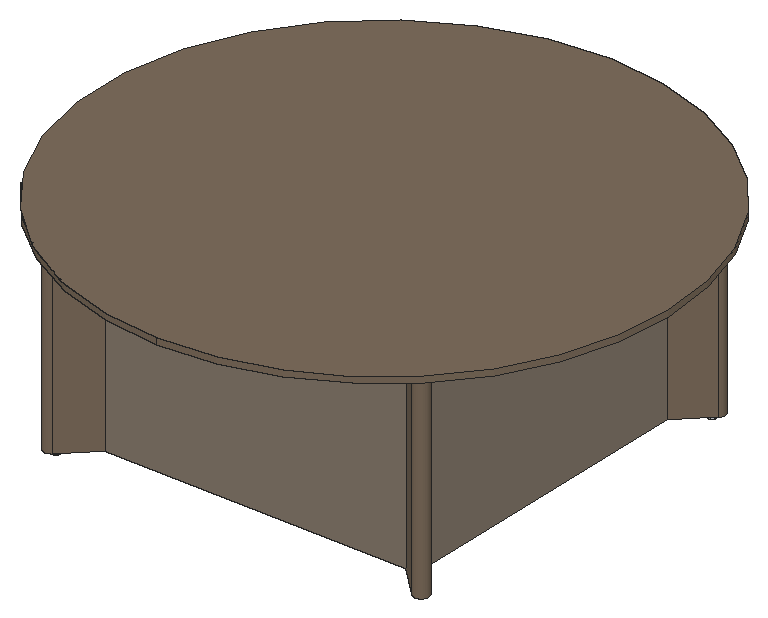
Revit family "Table-Teknion-CFRSTN_Figure_Table_Round_Gable_Enclosed_Base_Subtop-R2023", category Furniture, Revit 2023
Family settings
  OmniClass Number = 23.40.20.00
  OmniClass Title = General Furniture and Specialties
  Work Plane-Based = No
  Enable Cutting in Views = No
  Always vertical = Yes
  Cut with Voids When Loaded = No
  Render Appearance Source = Family Geometry
  Shared = Yes
  Room Calculation Point = No
Parameters (values of type "Round Table, Gable Enclosed Base, Subtop")
  Width [instance] = Size - 16.000"  # 74.000"
  Warranty = "http://www.teknion.com/ca/papers/legal-canada"
  Unit Weight URL = "http://www.teknion.com/ca/tools/assets#&asset=bee6a381-b954-425e-8283-5a2de3a804f2,f828d448-4b62-4231-9e5f-9a8991c0ed77"
  URL = "www.teknion.com"
  Top Cutout [instance] = if(Size = 48.000", 13.314", if(Size = 54.000", 18.971", if(Size = 60.000", 18.971", if(Size = 66.000", 23.213", if(Size = 72.000", 23.213", 27.456")))))  # 27.456"
  To render please download texture images found here [instance] = "https://assets.teknion.com/web/5e81352c1dfdb467/revit-material-swatches/"
  Sustainability Data = "https://www.teknion.com/ca/tools/assets#&topic=216f99a5-57a0-44fc-b10a-9dee9b29ae4c&asset=444deb64-fe58-4b68-981e-f75e97781df7,b4ff2d81-9f2e-437d-9659-7cffb09c31cf"
  Size [instance] = 90.000"
  Series = "Custom Wood"  # constant formula
  Product Page URL = "https://www.teknion.com/ca/products/product-details?productLineId=f182336e-8e7a-673b-a6c8-ff00004460c4"
  Product Line = "Figure - Square Table"  # constant formula
  Product Documentation Link = "https://d2r72yk5wmppdj.cloudfront.net/m/7b6608f508e3c5a8/Community_Table_Cut_Sheet.pdf"
  Part Number = "CFRSTN"  # constant formula
  Model = "CFRSTN__"  # constant formula
  Manufacturer Phone = "416-661-3370"  # constant formula
  Manufacturer Fax = "416.661.4586"  # constant formula
  Manufacturer Contact Information = "http://www.teknion.com/ca/contactus"
  Manufacturer Address = "1150 Flint Road, Toronto, ON. M3J 2J5. Canada"  # constant formula
  Manufacturer = "Teknion"  # constant formula
  How To Use Teknion Materials User Guide [instance] = "https://assets.teknion.com/m/205dd0a49fa58060/original/How-to-add-a-Material-Library-and-Texture-Images-to-your-Revit-project.pdf"
  Glide Finish [instance] = Paint - Teknion - 52 - Ebony
  Glide Dim 2 [instance] = if(Size = 48.000", 17.678", if(Size = 54.000", 21.920", if(Size = 60.000", 26.163", if(Size = 66.000", 30.406", if(Size = 72.000", 34.648", if(Size = 78.000", 38.891", if(Size = 84.000", 43.134", 47.376")))))))  # 47.376"
  Glide Dim [instance] = if(Size = 48.000", 13.657", if(and(Size > 49.000", Size < 73.000"), 15.657", 17.657"))  # 17.657"
  For Additional Finishes please visit [instance] = "https://assets.teknion.com/m/44a8009b046e5d47/original/Teknion_Materials_Library.zip"
  Description = "Figure Table, Round, Gable Enclosed Base, Subtop"
  Default Elevation = 0.000"
  Bottom Cutout [instance] = if(Size = 48.000", 13.314", if(and(Size > 49.000", Size < 73.000"), 16.142", 18.971"))  # 18.971"
  Base Size [instance] = if(Size = 48.000", 18.000", if(Size = 54.000", 24.000", if(Size = 60.000", 24.000", if(Size = 66.000", 30.000", if(Size = 72.000", 30.000", if(Size = 78.000", 36.000", if(Size = 84.000", 42.000", 42.000")))))))  # 42.000"
  Base Finish [instance] = Veneer-Teknion-UM-Natural_Veneer_V2-Dark_Brown_Cherry
  Base Accent Finish [instance] = Paint - Teknion - Mica - Burnished Bronze
  Available Size [instance] = "48\", 54\", 60\", 66\", 72\", 78\", 84\", 90\""  # constant formula
  Assembly Code = "E2020200"
Reference planes (in)
  plane 1 "Center Front/Back": y = 0
  plane 2: z = 0
  plane 3 "Center Left/Right": x = 0
  plane 4 "Left": x = -37
  plane 5 "Right": x = 37
  plane 6 "Back": y = 37
  plane 7 "Front": y = -37
  plane 8 "Top": z = 27.5
  plane 9: x = -8.8285
  plane 10: y = 8.8285
  plane 11: x = 8.8285
  plane 12: y = -8.8285
  plane 13: x = -23.688
  plane 14: y = 23.688
  plane 15: x = 23.688
  plane 16: y = -23.688
  plane 17: x = 21
  plane 18: y = 21
  plane 19: x = -21
  plane 20: y = -21
  plane 21: through (-37, 37, 48) normal (0.7071, 0.7071, 0)
  plane 22: through (-37, -37, 48) normal (-0.7071, 0.7071, 0)
  plane 23: through (7.41437, 6.00015, 48) normal (-0.7071, -0.7071, 0)
  plane 24: through (-7.41437, -6.00015, 48) normal (0.7071, 0.7071, 0)
  plane 25: through (-7.41437, 6.00015, 48) normal (-0.7071, 0.7071, 0)
  plane 26: through (6.00015, -7.41437, 48) normal (-0.7071, 0.7071, 0)
  plane 27: through (-10.41427, -9.00006, 48) normal (0.7071, 0.7071, 0)
  plane 28: through (9.70716, -9.70716, 48) normal (0.7071, -0.7071, 0)
  plane 29: through (9.00006, 10.41427, 48) normal (0.7071, 0.7071, 0)
  plane 30: through (-9.53039, 9.88394, 48) normal (0.7071, -0.7071, 0)
Forms (in)
  Sweep 1, solid, material "Veneer-Teknion-UM-Natural_Veneer_V2-Dark_Brown_Cherry" <- "Base Finish"
    path origin (0, 0, 0) x (1, 0, 0) y (0, 0, 1)
      loop
        line (0, 26.75) -> (0, 27.5)
    profile origin (0, 0, 27.125) x (-1, 0, 0) y (0, -1, 0)
      loop
        circle (0, 0) r 37
  Sweep 2, solid, material "Paint - Teknion - Mica - Burnished Bronze" <- "Base Accent Finish"
    path origin (0, 0, 0) x (1, 0, 0) y (0, 0, 1)
      loop
        line (0, 25.75) -> (0, 0.5)
    profile origin (0, 0, 13.125) x (0, -1, 0) y (1, 0, 0)
      loop
        line (21, 21) -> (-21, 21) -> (-21, -21) -> (21, -21) -> (21, 21)
      loop
        line (-20.25, -20.25) -> (20.25, -20.25) -> (20.25, 20.25) -> (-20.25, 20.25) -> (-20.25, -20.25)
  Sweep 3, solid, material "Veneer-Teknion-UM-Natural_Veneer_V2-Dark_Brown_Cherry" <- "Base Finish"
    path origin (0, 0, 0) x (1, 0, 0) y (0, 0, 1)
      loop
        line (0, 26.75) -> (0, 0.5)
    profile origin (0, 0, 13.625) x (0, -1, 0) y (1, 0, 0)
      loop
        line (-1.41421, 0) -> (-24.74866, -23.33445)
        arc (-24.74866, -23.33445) -> (-24.74866, -24.74866) -> (-23.33445, -24.74866) r 1
        line (-23.33445, -24.74866) -> (0, -1.41421) -> (23.33445, -24.74866)
        arc (23.33445, -24.74866) -> (24.74866, -24.74866) -> (24.74866, -23.33445) r 1
        line (24.74866, -23.33445) -> (1.41421, 0) -> (24.74866, 23.33445)
        arc (24.74866, 23.33445) -> (24.74866, 24.74866) -> (23.33445, 24.74866) r 1
        line (23.33445, 24.74866) -> (0, 1.41421) -> (-23.33445, 24.74866)
        arc (-23.33445, 24.74866) -> (-24.74866, 24.74866) -> (-24.74866, 23.33445) r 1
        line (-24.74866, 23.33445) -> (-1.41421, 0)
  Sweep 4, void
    path origin (0, 0, 0) x (1, 0, 0) y (0, 0, 1)
      loop
        line (0, 8) -> (0, 0)
    profile origin (0, 0, 4) x (0, -1, 0) y (1, 0, 0)
      loop
        line (0, -13.41452) -> (13.41452, 0) -> (0, 13.41452) -> (-13.41452, 0) -> (0, -13.41452)
  Sweep 5, void
    path origin (0, 0, 0) x (1, 0, 0) y (0, 0, 1)
      loop
        line (0, 20.75) -> (0, 27.5)
    profile origin (0, 0, 24.125) x (-1, 0, 0) y (0, -1, 0)
      loop
        line (0, -19.41432) -> (19.41432, 0) -> (0, 19.41432) -> (-19.41432, 0) -> (0, -19.41432)
Cuts and joins
  Sweep 4, Sweep 5 cuts Sweep 3
Lines and regions (in)
  Masking region 1
    outline origin (0, 0, 0) x (1, 0, 0) y (0, 1, 0)
      loop
        circle (0, 0) r 37
  reference lines
    curve 1: line (-37, 37, 0) -> (37, 37, 0)
    curve 2: line (-37, 37, 0) -> (-37, -37, 0)
    curve 3: line (37, 37, 0) -> (37, -37, 0)
    curve 4: line (-37, -37, 0) -> (37, -37, 0)
  symbolic lines, style "FurnitureHiddenLines", detail levels medium+fine
    curve 5: line (0, 1.41421, 0) -> (-9.00006, 10.41427, 0)
    curve 6: line (-10.41427, 9.00006, 0) -> (-1.41421, 0, 0)
    curve 7: line (-1.41421, 0, 0) -> (-10.41427, -9.00006, 0)
    curve 8: line (-9.00006, -10.41427, 0) -> (0, -1.41421, 0)
    curve 9: line (0, -1.41421, 0) -> (9.00006, -10.41427, 0)
    curve 10: line (10.41427, -9.00006, 0) -> (1.41421, 0, 0)
    curve 11: line (1.41421, 0, 0) -> (10.41427, 9.00006, 0)
    curve 12: line (9.00006, 10.41427, 0) -> (0, 1.41421, 0)
    curve 13: line (-9.00006, 10.41427, 0) -> (-23.33445, 24.74866, 0)
    curve 14: arc (-23.33445, 24.74866, 0) -> (-24.74866, 24.74866, 0) -> (-24.74866, 23.33445, 0) r 1
    curve 15: line (-24.74866, 23.33445, 0) -> (-10.41427, 9.00006, 0)
    curve 16: line (23.33445, 24.74866, 0) -> (9.00006, 10.41427, 0)
    curve 17: line (10.41427, 9.00006, 0) -> (24.74866, 23.33445, 0)
    curve 18: arc (24.74866, 23.33445, 0) -> (24.74866, 24.74866, 0) -> (23.33445, 24.74866, 0) r 1
    curve 19: line (-23.33445, -24.74866, 0) -> (-9.00006, -10.41427, 0)
    curve 20: line (-10.41427, -9.00006, 0) -> (-24.74866, -23.33445, 0)
    curve 21: arc (-24.74866, -23.33445, 0) -> (-24.74866, -24.74866, 0) -> (-23.33445, -24.74866, 0) r 1
    curve 22: line (9.00006, -10.41427, 0) -> (23.33445, -24.74866, 0)
    curve 23: arc (23.33445, -24.74866, 0) -> (24.74866, -24.74866, 0) -> (24.74866, -23.33445, 0) r 1
    curve 24: line (24.74866, -23.33445, 0) -> (10.41427, -9.00006, 0)
    curve 25: line (-21, 19.58579, 0) -> (-21, -19.58579, 0)
    curve 26: line (-19.58579, 21, 0) -> (19.58579, 21, 0)
    curve 27: line (-18.83579, 20.25, 0) -> (18.83579, 20.25, 0)
    curve 28: line (-19.58579, -21, 0) -> (19.58579, -21, 0)
    curve 29: line (-20.25, -18.83579, 0) -> (-20.25, 18.83579, 0)
    curve 30: line (18.83579, -20.25, 0) -> (-18.83579, -20.25, 0)
    curve 31: line (21, -19.58579, 0) -> (21, 19.58579, 0)
    curve 32: line (20.25, 18.83579, 0) -> (20.25, -18.83579, 0)
    curve 33: line (-10.41427, -9.00006, 0) -> (-9.00006, -10.41427, 0)
    curve 34: line (-7.41437, -6.00015, 0) -> (-6.00015, -7.41437, 0)
    curve 35: line (7.41437, 6.00015, 0) -> (6.00015, 7.41437, 0)
    curve 36: line (9.00006, 10.41427, 0) -> (10.41427, 9.00006, 0)
    curve 37: line (10.41427, -9.00006, 0) -> (9.00006, -10.41427, 0)
    curve 38: line (6.00015, -7.41437, 0) -> (7.41437, -6.00015, 0)
    curve 39: line (-7.41437, 6.00015, 0) -> (-6.00015, 7.41437, 0)
    curve 40: line (-9.00006, 10.41427, 0) -> (-10.41427, 9.00006, 0)
Dimensions and locks (in)
  "Width": plane 4 "Left" to plane 5 "Right"
  "Width": plane 6 "Back" to plane 7 "Front"
  plane 8 "Top" to level = 27.500"
  equal spacing: plane 4 "Left", plane 3 "Center Left/Right", plane 5 "Right"
  equal spacing: plane 6 "Back", plane 1 "Center Front/Back", plane 7 "Front"
  locked: plane 8 "Top" to Sweep 1 sketch curve at 0.75
  plane 3 "Center Left/Right" to Sweep 1 sketch curve to Sweep 1 sketch curve = 0.000" locked, 0.000" locked
  locked: nested 3 to plane 2 at 0.5
  locked: nested 1 to plane 2 at 0.5
  locked: nested 4 to plane 2 at 0.5
  locked: nested 2 to plane 2 at 0.5
  locked: Sweep 2 sketch curve to plane 2 at 0.5
  locked: plane 8 "Top" to Sweep 2 sketch curve at 1.75
  locked: plane 8 "Top" to Sweep 3 sketch curve at 0.75
  locked: Sweep 3 sketch curve to plane 2 at 0.5
  Sweep 3 sketch curve to Sweep 3 sketch curve to plane 13 = 0.000" locked, 0.35355" locked
  plane 15 to Sweep 3 sketch curve to Sweep 3 sketch curve = 0.35355" locked, 0.000" locked
  plane 14 to Sweep 3 sketch curve to Sweep 3 sketch curve = 0.35355" locked, 0.000" locked
  plane 16 to Sweep 3 sketch curve to Sweep 3 sketch curve = 0.35355" locked, 0.000" locked
  "Base Size": plane 18 to plane 20
  "Base Size": plane 19 to plane 17
  locked: plane 19 to Sweep 2 sketch curve at 0.75
  locked: Sweep 2 sketch curve to plane 20 at 0.75
  locked: Sweep 2 sketch curve to plane 17 at 0.75
  locked: plane 18 to Sweep 2 sketch curve at 0.75
  equal spacing: plane 19, plane 3 "Center Left/Right", plane 17
  equal spacing: plane 18, plane 1 "Center Front/Back", plane 20
  equal spacing: plane 12, plane 1 "Center Front/Back", plane 10
  equal spacing: plane 9, plane 3 "Center Left/Right", plane 11
  "Glide Dim": plane 9 to plane 11
  "Glide Dim": plane 12 to plane 10
  equal spacing: plane 25, plane 22, plane 26
  equal spacing: plane 24, plane 21, plane 23
  equal spacing: plane 29, plane 21, plane 27
  equal spacing: plane 28, plane 22, plane 30
  "Top Cutout": plane 29 to plane 27
  "Bottom Cutout": plane 24 to plane 23
  locked: Sweep 4 sketch curve to plane 2 at 8
  locked: plane 8 "Top" to Sweep 5 sketch curve at 6.75
  equal spacing: plane 13, plane 3 "Center Left/Right", plane 15
  equal spacing: plane 16, plane 1 "Center Front/Back", plane 14
  "Glide Dim 2": plane 13 to plane 15
  "Glide Dim 2": plane 14 to plane 16
  locked: nested 7 to plane 2 at 0.5
  locked: nested 8 to plane 2 at 0.5
  locked: nested 6 to plane 2 at 0.5
  locked: nested 9 to plane 2 at 0.5
  locked: plane 3 "Center Left/Right" to Masking region 1 sketch curve  (x2)
  "Bottom Cutout": plane 25 to plane 26
  "Top Cutout": plane 28 to plane 30
  aligned and locked: level to plane 2
  aligned and locked: plane 3 "Center Left/Right" to Sweep 1 sketch curve
  aligned and locked: plane 8 "Top" to Sweep 1 sketch curve
  aligned and locked: plane 6 "Back" to Sweep 1 sketch curve
  aligned and locked: plane 7 "Front" to Sweep 1 sketch curve
  aligned and locked: plane 1 "Center Front/Back" to nested 5
  aligned and locked: plane 3 "Center Left/Right" to nested 5
  aligned and locked: curve 1 to plane 6 "Back"
  aligned and locked: curve 2 to plane 4 "Left"
  aligned and locked: curve 3 to plane 5 "Right"
  aligned and locked: curve 4 to plane 7 "Front"
  aligned and locked: nested 2 to plane 10
  aligned and locked: plane 11 to nested 2
  aligned and locked: nested 4 to plane 9
  aligned and locked: nested 4 to plane 10
  aligned and locked: nested 3 to plane 12
  aligned and locked: nested 3 to plane 9
  aligned and locked: nested 1 to plane 11
  aligned and locked: plane 12 to nested 1
  aligned and locked: nested 7 to plane 13
  aligned and locked: nested 7 to plane 16
  aligned and locked: nested 6 to plane 16
  aligned and locked: nested 6 to plane 15
  aligned and locked: nested 9 to plane 15
  aligned and locked: plane 14 to nested 9
  aligned and locked: nested 8 to plane 14
  aligned and locked: plane 13 to nested 8
  aligned and locked: Sweep 2 sketch curve to plane 3 "Center Left/Right"
  aligned and locked: Sweep 3 sketch curve to plane 3 "Center Left/Right"
  aligned and locked: Sweep 2 sketch curve to plane 20
  aligned and locked: Sweep 2 sketch curve to plane 17
  aligned and locked: Sweep 2 sketch curve to plane 18
  aligned and locked: Sweep 2 sketch curve to plane 19
  aligned and locked: plane 2 to Sweep 4 sketch curve
  aligned and locked: Sweep 4 sketch curve to plane 3 "Center Left/Right"
  aligned and locked: Sweep 4 sketch curve to plane 25
  aligned and locked: Sweep 4 sketch curve to plane 24
  aligned and locked: Sweep 4 sketch curve to plane 26
  aligned and locked: Sweep 4 sketch curve to plane 23
  aligned and locked: plane 8 "Top" to Sweep 5 sketch curve
  aligned and locked: plane 3 "Center Left/Right" to Sweep 5 sketch curve
  aligned and locked: Sweep 5 sketch curve to plane 30
  aligned and locked: Sweep 5 sketch curve to plane 27
  aligned and locked: Sweep 5 sketch curve to plane 29
  aligned and locked: Sweep 5 sketch curve to plane 28
  aligned and locked: plane 6 "Back" to Masking region 1 sketch curve
  aligned and locked: plane 7 "Front" to Masking region 1 sketch curve
  aligned and locked: curve 5 to cut or joined group of Sweep 3, Sweep 4, Sweep 5
  aligned and locked: cut or joined group of Sweep 3, Sweep 4, Sweep 5 to curve 6
  aligned and locked: curve 7 to cut or joined group of Sweep 3, Sweep 4, Sweep 5
  aligned and locked: cut or joined group of Sweep 3, Sweep 4, Sweep 5 to curve 8
  aligned and locked: curve 9 to cut or joined group of Sweep 3, Sweep 4, Sweep 5
  aligned and locked: cut or joined group of Sweep 3, Sweep 4, Sweep 5 to curve 10
  aligned and locked: curve 11 to cut or joined group of Sweep 3, Sweep 4, Sweep 5
  aligned and locked: cut or joined group of Sweep 3, Sweep 4, Sweep 5 to curve 12
  aligned and locked: cut or joined group of Sweep 3, Sweep 4, Sweep 5 to curve 13
  aligned and locked: curve 14 to cut or joined group of Sweep 3, Sweep 4, Sweep 5
  aligned and locked: cut or joined group of Sweep 3, Sweep 4, Sweep 5 to curve 17
  aligned and locked: curve 18 to cut or joined group of Sweep 3, Sweep 4, Sweep 5
  aligned and locked: cut or joined group of Sweep 3, Sweep 4, Sweep 5 to curve 20
  aligned and locked: curve 21 to cut or joined group of Sweep 3, Sweep 4, Sweep 5
  aligned and locked: cut or joined group of Sweep 3, Sweep 4, Sweep 5 to curve 22
  aligned and locked: curve 23 to cut or joined group of Sweep 3, Sweep 4, Sweep 5
  aligned and locked: curve 33 to plane 27
  aligned and locked: curve 34 to plane 24
  aligned and locked: curve 35 to plane 23
  aligned and locked: curve 36 to plane 29
  aligned and locked: curve 37 to plane 28
  aligned and locked: curve 38 to plane 26
  aligned and locked: curve 39 to plane 25
  aligned and locked: curve 40 to plane 30
Automatic sketch dimensions
  Sweep 3 sketch curve to profile plane = 0.000"  (x2)
  plane 1 "Center Front/Back" to Sweep 3 sketch curve = 0.000"  (x2)
  Sweep 3 sketch curve to Sweep 3 sketch curve = 0.70711"  (x10)
  plane 1 "Center Front/Back" to Sweep 3 sketch curve = 1.41421"
  profile plane to Sweep 3 sketch curve = 1.41421"
  plane 13 to curve 13 = 0.35355"
  plane 14 to curve 15 = 0.35355"
  plane 15 to curve 18 = 0.35355"
  plane 14 to curve 17 = 0.35355"
  plane 16 to curve 20 = 0.35355"
  plane 13 to curve 19 = 0.35355"
  plane 15 to curve 23 = 0.35355"
  plane 16 to curve 24 = 0.35355"
  curve 26 to plane 18 = 0.000"
  curve 25 to plane 19 = 0.000"
  curve 28 to plane 20 = 0.000"
  plane 19 to curve 29 = 0.750"
  plane 20 to curve 30 = 0.750"
  curve 31 to plane 17 = 0.000"
  curve 27 to curve 26 = 0.750"
  curve 32 to curve 27 = 1.41421"
Nested families (in)
  nested 1: "Family2" at (8.8285, -8.8285, 0), Glide Finish <- "Glide Finish", type "Glide"
    with To render please download texture images found here "https://assets.teknion.com/web/5e81352c1dfdb467/revit-material-swatches/", How To Use Teknion Materials User Guide "https://assets.teknion.com/m/205dd0a49fa58060/original/How-to-add-a-Material-Library-and-Texture-Images-to-your-Revit-project.pdf", Glide Finish Paint - Teknion - 52 - Ebony, For Additional Finishes please visit "https://assets.teknion.com/m/44a8009b046e5d47/original/Teknion_Materials_Library.zip"
  nested 2: "Family2" at (8.8285, 8.8285, 0), Glide Finish <- "Glide Finish", type "Glide"
    with To render please download texture images found here "https://assets.teknion.com/web/5e81352c1dfdb467/revit-material-swatches/", How To Use Teknion Materials User Guide "https://assets.teknion.com/m/205dd0a49fa58060/original/How-to-add-a-Material-Library-and-Texture-Images-to-your-Revit-project.pdf", Glide Finish Paint - Teknion - 52 - Ebony, For Additional Finishes please visit "https://assets.teknion.com/m/44a8009b046e5d47/original/Teknion_Materials_Library.zip"
  nested 3: "Family2" at (-8.8285, -8.8285, 0), Glide Finish <- "Glide Finish", type "Glide"
    with To render please download texture images found here "https://assets.teknion.com/web/5e81352c1dfdb467/revit-material-swatches/", How To Use Teknion Materials User Guide "https://assets.teknion.com/m/205dd0a49fa58060/original/How-to-add-a-Material-Library-and-Texture-Images-to-your-Revit-project.pdf", Glide Finish Paint - Teknion - 52 - Ebony, For Additional Finishes please visit "https://assets.teknion.com/m/44a8009b046e5d47/original/Teknion_Materials_Library.zip"
  nested 4: "Family2" at (-8.8285, 8.8285, 0), Glide Finish <- "Glide Finish", type "Glide"
    with To render please download texture images found here "https://assets.teknion.com/web/5e81352c1dfdb467/revit-material-swatches/", How To Use Teknion Materials User Guide "https://assets.teknion.com/m/205dd0a49fa58060/original/How-to-add-a-Material-Library-and-Texture-Images-to-your-Revit-project.pdf", Glide Finish Paint - Teknion - 52 - Ebony, For Additional Finishes please visit "https://assets.teknion.com/m/44a8009b046e5d47/original/Teknion_Materials_Library.zip"
  nested 5: "Teknion_2D_Node_Family-R2021" at (0, 0, 0), type "Teknion_2D_Node_Family-R2021"
  nested 6: "Family2" at (23.688, -23.688, 0), Glide Finish <- "Glide Finish", type "Glide"
    with To render please download texture images found here "https://assets.teknion.com/web/5e81352c1dfdb467/revit-material-swatches/", How To Use Teknion Materials User Guide "https://assets.teknion.com/m/205dd0a49fa58060/original/How-to-add-a-Material-Library-and-Texture-Images-to-your-Revit-project.pdf", Glide Finish Paint - Teknion - 52 - Ebony, For Additional Finishes please visit "https://assets.teknion.com/m/44a8009b046e5d47/original/Teknion_Materials_Library.zip"
  nested 7: "Family2" at (-23.688, -23.688, 0), Glide Finish <- "Glide Finish", type "Glide"
    with To render please download texture images found here "https://assets.teknion.com/web/5e81352c1dfdb467/revit-material-swatches/", How To Use Teknion Materials User Guide "https://assets.teknion.com/m/205dd0a49fa58060/original/How-to-add-a-Material-Library-and-Texture-Images-to-your-Revit-project.pdf", Glide Finish Paint - Teknion - 52 - Ebony, For Additional Finishes please visit "https://assets.teknion.com/m/44a8009b046e5d47/original/Teknion_Materials_Library.zip"
  nested 8: "Family2" at (-23.688, 23.688, 0), Glide Finish <- "Glide Finish", type "Glide"
    with To render please download texture images found here "https://assets.teknion.com/web/5e81352c1dfdb467/revit-material-swatches/", How To Use Teknion Materials User Guide "https://assets.teknion.com/m/205dd0a49fa58060/original/How-to-add-a-Material-Library-and-Texture-Images-to-your-Revit-project.pdf", Glide Finish Paint - Teknion - 52 - Ebony, For Additional Finishes please visit "https://assets.teknion.com/m/44a8009b046e5d47/original/Teknion_Materials_Library.zip"
  nested 9: "Family2" at (23.688, 23.688, 0), Glide Finish <- "Glide Finish", type "Glide"
    with To render please download texture images found here "https://assets.teknion.com/web/5e81352c1dfdb467/revit-material-swatches/", How To Use Teknion Materials User Guide "https://assets.teknion.com/m/205dd0a49fa58060/original/How-to-add-a-Material-Library-and-Texture-Images-to-your-Revit-project.pdf", Glide Finish Paint - Teknion - 52 - Ebony, For Additional Finishes please visit "https://assets.teknion.com/m/44a8009b046e5d47/original/Teknion_Materials_Library.zip"
Definition of nested family "Family2"
  Parameters (values of type "Glide")
    Warranty = "http://www.teknion.com/ca/papers/legal-canada"
    Unit Weight URL = "http://www.teknion.com/ca/tools/assets#&asset=bee6a381-b954-425e-8283-5a2de3a804f2,f828d448-4b62-4231-9e5f-9a8991c0ed77"
    URL = "www.teknion.com"
    To render please download texture images found here [instance] = "https://assets.teknion.com/web/5e81352c1dfdb467/revit-material-swatches/"
    Sustainability Data = "https://www.teknion.com/ca/tools/assets#&topic=216f99a5-57a0-44fc-b10a-9dee9b29ae4c&asset=444deb64-fe58-4b68-981e-f75e97781df7,b4ff2d81-9f2e-437d-9659-7cffb09c31cf"
    Series = ""
    Product Page URL = ""
    Product Line = ""
    Product Documentation Link = ""
    Part Number = ""
    Model = ""
    Manufacturer Phone = "416-661-3370"  # constant formula
    Manufacturer Fax = "416.661.4586"  # constant formula
    Manufacturer Contact Information = "http://www.teknion.com/ca/contactus"
    Manufacturer Address = "1150 Flint Road, Toronto, ON. M3J 2J5. Canada"  # constant formula
    Manufacturer = "Teknion"  # constant formula
    How To Use Teknion Materials User Guide [instance] = "https://assets.teknion.com/m/205dd0a49fa58060/original/How-to-add-a-Material-Library-and-Texture-Images-to-your-Revit-project.pdf"
    Glide Finish [instance] = none
    For Additional Finishes please visit [instance] = "https://assets.teknion.com/m/44a8009b046e5d47/original/Teknion_Materials_Library.zip"
    Description = "Glide"
    Default Elevation = 0.000"
    Assembly Code = "E2020200"
  Reference planes (in)
    plane 1 "Center Front/Back": y = 0
    plane 2: z = 0
    plane 3 "Center Left/Right": x = 0
    plane 4 "Left": x = -0.5
    plane 5 "Right": x = 0.5
    plane 6 "Back": y = 0.5
    plane 7 "Front": y = -0.5
    plane 8 "Top": z = 0.5
  Forms (in)
    Sweep 1, solid, material <- "Glide Finish"
      path origin (0, 0, 0) x (1, 0, 0) y (0, 0, 1)
        loop
          line (0, 0.5) -> (0, 0.375)
      profile origin (0, 0, 0.4375) x (0, -1, 0) y (1, 0, 0)
        loop
          line (-0.3125, 0.18042) -> (-0.3125, -0.18042) -> (0, -0.36084) -> (0.3125, -0.18042) -> (0.3125, 0.18042) -> (0, 0.36084) -> (-0.3125, 0.18042)
    Revolve 2, solid, material <- "Glide Finish"
      sketch origin (0, 0, 0) x (1, 0, 0) y (0, 0, 1)
        loop
          arc (-0.4, 0.375) -> (-0.47071, 0.34571) -> (-0.5, 0.275) r 0.1
          line (-0.5, 0.275) -> (-0.5, 0.1)
          arc (-0.5, 0.1) -> (-0.47071, 0.02929) -> (-0.4, 0) r 0.1
          line (-0.4, 0) -> (0, 0) -> (0, 0.375) -> (-0.4, 0.375)
        axis (0, 0) -> (0, 0.375)
      angle from 0 to 360
  Lines and regions (in)
    symbolic lines, detail levels fine
      curve 1: line (0.18042, 0.3125, 0) -> (-0.18042, 0.3125, 0)
      curve 2: line (-0.18042, 0.3125, 0) -> (-0.36084, 0, 0)
      curve 3: line (-0.36084, 0, 0) -> (-0.18042, -0.3125, 0)
      curve 4: line (-0.18042, -0.3125, 0) -> (0.18042, -0.3125, 0)
      curve 5: line (0.18042, -0.3125, 0) -> (0.36084, 0, 0)
      curve 6: line (0.36084, 0, 0) -> (0.18042, 0.3125, 0)
      curve 7: circle (0, 0, 0) r 0.5 normal (0, 0, 1)
  Dimensions and locks (in)
    plane 4 "Left" to plane 5 "Right" = 1.000"
    plane 6 "Back" to plane 7 "Front" = 1.000"
    plane 8 "Top" to level = 0.500"
    equal spacing: plane 7 "Front", plane 1 "Center Front/Back", plane 6 "Back"
    equal spacing: plane 4 "Left", plane 3 "Center Left/Right", plane 5 "Right"
    aligned and locked: level to plane 2
  Automatic sketch dimensions
    Sweep 1 sketch curve to plane 3 "Center Left/Right" = 0.000"
    Sweep 1 sketch curve to plane 8 "Top" = 0.000"
    Sweep 1 sketch curve to Sweep 1 sketch curve = 0.125"
    plane 1 "Center Front/Back" to Sweep 1 sketch curve = 0.000"  (x2)
    Sweep 1 sketch curve to plane 1 "Center Front/Back" = 0.3125"
    plane 1 "Center Front/Back" to Sweep 1 sketch curve = 0.3125"
    profile plane to Sweep 1 sketch curve = 0.36084"
    profile plane to Sweep 1 sketch curve = 0.18042"  (x2)
    Sweep 1 sketch curve to profile plane = 0.18042"  (x2)
    Sweep 1 sketch curve to Sweep 1 sketch curve = 0.18042"
    Revolve 2 sketch curve to plane 4 "Left" = 0.000"
    Revolve 2 sketch curve to level = 0.000"
    Revolve 2 sketch curve to plane 3 "Center Left/Right" = 0.000"  (x2)
    plane 4 "Left" to Revolve 2 sketch curve = 0.100"  (x2)
    Revolve 2 sketch curve to Revolve 2 sketch curve = 0.175"
    Revolve 2 sketch curve to Revolve 2 sketch curve = 0.05184"
    plane 8 "Top" to Revolve 2 sketch curve = 0.13729"
    plane 1 "Center Front/Back" to curve 2 = 0.000"
    plane 1 "Center Front/Back" to curve 7 = 0.000"
    curve 7 to plane 3 "Center Left/Right" = 0.000"
    plane 1 "Center Front/Back" to curve 6 = 0.000"
    curve 4 to plane 3 "Center Left/Right" = 0.18042"
    curve 1 to plane 3 "Center Left/Right" = 0.18042"
    plane 4 "Left" to curve 3 = 0.13916"
    plane 3 "Center Left/Right" to curve 5 = 0.18042"
    plane 3 "Center Left/Right" to curve 1 = 0.18042"
    plane 5 "Right" to curve 6 = 0.13916"
    curve 5 to plane 7 "Front" = 0.1875"
    curve 1 to plane 6 "Back" = 0.1875"
    radius of curve 7 = 0.500"
Definition of nested family "Teknion_2D_Node_Family-R2021"
  Reference planes (in)
    plane 1 "Center (Front/Back)": y = 0
    plane 2: z = 0
    plane 3 "Center (Left/Right)": x = 0
  Lines and regions (in)
    detail lines, in view "Ref. Level"
      curve 1: circle (0, 0, 0) r 1.25 normal (0, 0, 1)
      curve 2: line (1.91508, -1.91508, 0) -> (-1.91508, 1.91508, 0)
      curve 3: line (-1.91508, -1.91508, 0) -> (1.91508, 1.91508, 0)
